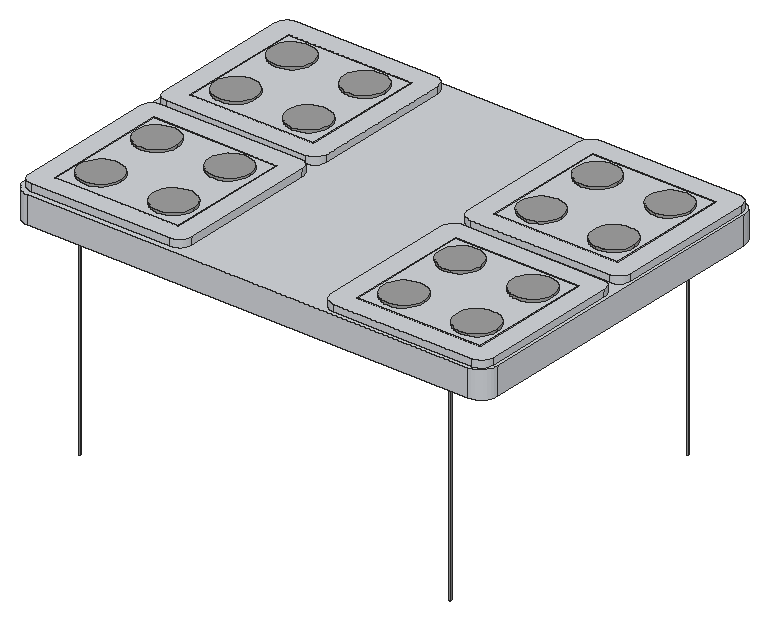
Revit family "Lighting-Industrial-GEWISS-SMART[4]HT_HIGHBAYS-LED_3M", category Apparecchi per illuminazione, Revit 2019
Family settings
  Quota connettore circolare = Usa diametro
  Tipo di parte = Normale
  Numero OmniClass = 23.80.70.00
  Titolo OmniClass = Lighting
  Basato su piano di lavoro = Sì
  Sempre verticale = No
  Taglio con vuoti quando caricato = No
  Sorgente d'illuminazione = No
  Condiviso = No
  Punto di calcolo locali = No
Parameters (values of type "GWS4420CQ857 - SMART4HB 4M ST.AL.ON/OFF HT ELL.57K")
  Wiring = "With GW connect watertight connector"
  Weight (kg): = "13,5"
  Warranty = "5 years"
  Voltaggio = 230 V
  Version file RFA = "20.11"
  Unique digital code (Datamatrix) = "Datamatrix"
  Unified Glare Rating = "-"
  URL = "https://www.gewiss.com/ww/en"
  Type of light source = "LED - Not replaceable"
  Tilt- = "With bracket accessory"
  Technical sheet = "https://www.gewiss.com/ww/en/search?q=GWS4420CQ857"
  System power = "189W"
  Supply voltage = "220 - 240 V"
  Stocking temperature = "-40 +70 °C"
  Standards and approvals = "-"
  Standard- = "EN 60598-1 ; EN 60598-2-1 ; EN 60598-2-24"
  Standard Deviation Colour Matching = "SDCM = 3"
  Spostamento_y_etichetta [instance] = 0 mm
  Spostamento_y_effettivo_etichetta [instance] = 1500 mm - Spostamento_y_etichetta  # 1500 mm
  Spostamento_x_etichetta [instance] = 0 mm
  Spostamento_x_effettivo_etichetta [instance] = 1500 mm - Spostamento_x_etichetta  # 1500 mm
  Shock resistance = "IK08"
  Shield type = "Tempered glass Thickness 4mm"
  SEO = "High bay"
  Realized by GEWISS S.p.A. = ""
  Rated frequency (Hz) = "50/60 Hz"
  Produttore = "GEWISS S.p.A."
  Photobiological Risk Class = "RG0"
  Overvoltage protection = "DM 6 kV / CM 10 kV"
  Optic and illuminating features = "-"
  Optic Maintenance = "Non-replaceable"
  Optic : = "Metallic PC reflector and PMMA lenses"
  Optic = "Elliptical"
  Operating temperature : = "-30°C ÷ +60 °C"
  Offset etichetta W [instance] = 150 mm
  Mouting and installation = "Ceiling - Wallmounting - Suspension"
  Modello = "GWS4420CQ857"
  Maximum surface exposed to the wind : = "0,350 m²"
  Materials = "-"
  Luminaire = "LED Industrial Reflector "
  Lumen output (lm) = "25100"
  Locking Hook = "-"
  Lifetime = "L90B10 (Tq+25°C) = 100.000 h - L90B10 (Tq+60°C) = 50.000 h"
  Lampada = "LED"
  LED Maintenance = "Non-replaceable"
  Insulation class = "I"
  Installationa and maintenance = "-"
  Immagine tipo = GWL1371.jpg
  IPEA = "-"
  IP degree = "IP66"
  IFC.TypeObject = ""
  IFC.ExportType = ""
  IFC.ExportAs = ""
  IDT = "2b22b49849d64f60bc51ff7354190d7a"
  IDF = "b524b0b5-1ad1-46d1-96b9-62335af85fc8"
  Glow Wire Test : = "850 °C"
  General information = "-"
  Gasket = "anti-aging silicone"
  Fixing = "-"
  External screw = "Stainless steel"
  Etichetta wattaggio [instance] = yes
  Spessore plafoniera = 40 mm  # constant formula
  Default Elevation = 1219.2 mm
  Proiettsmart4_simb [instance] = yes
  Plafoniera_bidimensionale [instance] = not(Proiettsmart4_simb)  # no
  Eletrical and lighting features = "-"
  Electrocod = "2444"
  Efficiency (lm/W) = "133"
  Driver Box = "Built-in"
  Driver = "Included"
  Device with reduced surface temperature = "Yes"
  Descrizione = "SMART[4]HB 4M ST.AL.ON/OFF HT ELL.57K"
  DIN 18032-3 certification = "-"
  Control System : = "ON / OFF"
  Control System = "ON / OFF"
  Context = "Logistics and industrial manufacturing lighting"
  Commenti sul wattaggio = "194W"
  Colour temperature = "5700K"
  Colour : = "Grey RAL 7035"
  Colour = "Grey RAL 7035"
  Color Rendering Index = "CRI-80"
  Classificazione = Lighting
  Classification: = "-"
  Catalogue = "LIGHTING"
  Carico apparente = 194 VA
  Lunghezza = 700 mm  # constant formula
  Larghezza = 504 mm  # constant formula
  Distanza_tot_plafoniera [instance] = 300 mm
  Distanza Sorg_Lum = 21.458 mm
  COBie.Tagnumber = ""
  COBie.CreatedOn = ""
  COBie.CreatebBy = ""
  COBie.ComponentRegisterItemID = ""
  COBie.Component.TagNumber = ""
  COBie.Component.Space = ""
  COBie.Component.SerialNumber = ""
  COBie.Component.InstallationDate = ""
  COBie.Component.Description = ""
  COBie.Component.BarCode = ""
  Body = "PA6 \"Halogen Free\" loaded fibreglass"
  Application = "Internal"
Types (8, lengths in mm): name | Unified Glare Rating | Technical sheet | SEO | Optic : | Optic | Modello | Lumen output (lm) | IDT | Efficiency (lm/W) | Descrizione | Colour temperature
  GWS4420CH840 - SMART4HB 4M ST.AL.ON/OFF HT 60° 40K | "UGR - 19" | "https://www.gewiss.com/ww/en/search?q=GWS4420CH840" | "" | "Metallic PC reflector and PMMA lenses" | "60°" | "GWS4420CH840" | "28100" | "9a60cd01c4644df29e8f6974e4e0689c" | "149" | "SMART[4]HB 4M ST.AL.ON/OFF HT 60° 40K" | "4000K"
  GWS4420CH857 - SMART4HB 4M ST.AL.ON/OFF HT 60° 57K | "UGR - 19" | "https://www.gewiss.com/ww/en/search?q=GWS4420CH857" | "" | "Metallic PC reflector and PMMA lenses" | "60°" | "GWS4420CH857" | "28100" | "64ea5da1e8a54a7ebc18f24b4f160287" | "149" | "SMART[4]HB 4M ST.AL.ON/OFF HT 60° 57K" | "5700K"
  GWS4420CP840 - SMART4HB 4M ST.AL.ON/OFF HT 90° 40K | "UGR - 22" | "https://www.gewiss.com/ww/en/search?q=GWS4420CP840" | "" | "Metallic PC reflector and PMMA lenses" | "90°" | "GWS4420CP840" | "28300" | "e6b25d619d354fec8c59bd166d8cef41" | "150" | "SMART[4]HB 4M ST.AL.ON/OFF HT 90° 40K" | "4000K"
  GWS4420CP857 - SMART4HB 4M ST.AL.ON/OFF HT 90° 57K | "UGR - 22" | "https://www.gewiss.com/ww/en/search?q=GWS4420CP857" | "" | "Metallic PC reflector and PMMA lenses" | "90°" | "GWS4420CP857" | "28300" | "8e9812c791d746d8ad976da24d6f04c4" | "150" | "SMART[4]HB 4M ST.AL.ON/OFF HT 90° 57K" | "5700K"
  GWS4420CA840 - SMART4HB 4M ST.AL.ON/OFF HT ARR.40K | "UGR - 25" | "https://www.gewiss.com/ww/en/search?q=GWS4420CA840" | "High bay" | "Metallized polycarbonate reflector" | "Array" | "GWS4420CA840" | "28000" | "d776d177cc774e7eb1565b55874a6e40" | "148" | "SMART[4]HB 4M ST.AL.ON/OFF HT ARR.40K" | "4000K"
  GWS4420CA857 - SMART4HB 4M ST.AL.ON/OFF HT ARR.57K | "UGR - 25" | "https://www.gewiss.com/ww/en/search?q=GWS4420CA857" | "High bay" | "Metallized polycarbonate reflector" | "Array" | "GWS4420CA857" | "28000" | "6b75454b67f346968de9a33a1453fd10" | "148" | "SMART[4]HB 4M ST.AL.ON/OFF HT ARR.57K" | "5700K"
  GWS4420CQ840 - SMART4HB 4M ST.AL.ON/OFF HT ELL.40K | "-" | "https://www.gewiss.com/ww/en/search?q=GWS4420CQ840" | "High bay" | "Metallic PC reflector and PMMA lenses" | "Elliptical" | "GWS4420CQ840" | "25100" | "6f7f3fbc116a4448bf1e36074b36040e" | "133" | "SMART[4]HB 4M ST.AL.ON/OFF HT ELL.40K" | "4000K"
  GWS4420CQ857 - SMART4HB 4M ST.AL.ON/OFF HT ELL.57K | "-" | "https://www.gewiss.com/ww/en/search?q=GWS4420CQ857" | "High bay" | "Metallic PC reflector and PMMA lenses" | "Elliptical" | "GWS4420CQ857" | "25100" | "2b22b49849d64f60bc51ff7354190d7a" | "133" | "SMART[4]HB 4M ST.AL.ON/OFF HT ELL.57K" | "5700K"
Reference planes
  plane 1 "Asse sorgente illuminazione (F/B)": y = 0
  plane 2 "2": z = 0
  plane 3 "Asse sorgente illuminazione (L/R)": x = 0
  plane 4 "Prospetto sorgente di illuminazione": z = 1500
  plane 5: x = -350
  plane 6: y = 252
  plane 7: x = 350
  plane 8: y = -252
  plane 9: x = 345
  plane 10: x = -345
  plane 11: x = -104.5
  plane 12: x = 104.5
  plane 13: y = 0
  plane 14: y = -1500
  plane 15: z = 300
  plane 16: z = 340
  plane 17: z = 350
  plane 18: x = -1500
  plane 19: x = 0
  plane 20: y = 0
Dimensions and locks
  equal spacing: plane 6, plane 1 "Asse sorgente illuminazione (F/B)", plane 8
  "Larghezza": plane 6 to plane 8
  equal spacing: plane 5, plane 3 "Asse sorgente illuminazione (L/R)", plane 7
  "Lunghezza": plane 5 to plane 7
  locked: plane 5 to plane 10 at 5
  locked: plane 9 to plane 7 at 5
  locked: plane 16 to plane 15 at 40
  plane 17 to plane 16 = 10 mm
  "Distanza_tot_plafoniera": plane 15 to plane 2 "2"
  plane 18 to plane 3 "Asse sorgente illuminazione (L/R)" = 1500 mm
  plane 1 "Asse sorgente illuminazione (F/B)" to plane 14 = 1500 mm
  "Spostamento_y_effettivo_etichetta": plane 20 to plane 14
  "Spostamento_x_effettivo_etichetta": plane 18 to plane 19
  aligned and locked: level to plane 2 "2"
  aligned and locked: plane 5 to nested 1
  aligned and locked: plane 6 to nested 1
  aligned and locked: plane 9 to nested 2  (x2)
  aligned and locked: plane 10 to nested 12
  aligned and locked: nested 1 to plane 15
  aligned and locked: nested 17 to plane 16
  aligned and locked: plane 16 to nested 12
  aligned and locked: plane 16 to nested 7
  aligned and locked: nested 2 to plane 16
  aligned and locked: plane 17 to nested 19
  aligned and locked: nested 21 to plane 17
  aligned and locked: plane 17 to nested 16
  aligned and locked: nested 14 to plane 17
  aligned and locked: plane 17 to nested 18
  aligned and locked: nested 20 to plane 17
  aligned and locked: plane 17 to nested 15
  aligned and locked: nested 13 to plane 17
  aligned and locked: nested 8 to plane 17
  aligned and locked: plane 17 to nested 10
  aligned and locked: nested 5 to plane 17
  aligned and locked: plane 17 to nested 3
  aligned and locked: nested 9 to plane 17
  aligned and locked: plane 17 to nested 11
  aligned and locked: nested 6 to plane 17
  aligned and locked: plane 17 to nested 4
  aligned and locked: nested 22 to plane 2 "2"
  aligned and locked: nested 23 to plane 2 "2"
  aligned and locked: nested 24 to plane 2 "2"
  aligned and locked: nested 25 to plane 2 "2"
  aligned and locked: nested 28 to plane 20
  aligned and locked: nested 28 to plane 19
Nested families
  nested 1: "Struttura_SMART 4" at (0, 0, 340), type "SMART 4 HB - 4 x 4L"
  nested 2: "mascherina_SMART (4)" at (225, 127, 350), type "Maschera_smart (4) 4L", detail levels fine
  nested 3: "Gewis - Led" at (172.217, 179, 353), type "Gewis - Led", detail levels medium+fine
  nested 4: "Gewis - Led" at (280, 179, 353), type "Gewis - Led", detail levels medium+fine
  nested 5: "Gewis - Led" at (172.217, 75, 353), type "Gewis - Led", detail levels medium+fine
  nested 6: "Gewis - Led" at (280, 75, 353), type "Gewis - Led", detail levels medium+fine
  nested 7: "mascherina_SMART (4)" at (225, -127, 350), type "Maschera_smart (4) 4L", detail levels fine
  nested 8: "Gewis - Led" at (172.217, -179, 353), type "Gewis - Led", detail levels medium+fine
  nested 9: "Gewis - Led" at (280, -179, 353), type "Gewis - Led", detail levels medium+fine
  nested 10: "Gewis - Led" at (172.217, -75, 353), type "Gewis - Led", detail levels medium+fine
  nested 11: "Gewis - Led" at (280, -75, 353), type "Gewis - Led", detail levels medium+fine
  nested 12: "mascherina_SMART (4)" at (-225, 127, 350) x (-1, 0, 0) z (0, 0, 1), type "Maschera_smart (4) 4L", detail levels fine
  nested 13: "Gewis - Led" at (-172.217, 179, 353) x (-1, 0, 0) z (0, 0, 1), type "Gewis - Led", detail levels medium+fine
  nested 14: "Gewis - Led" at (-280, 179, 353) x (-1, 0, 0) z (0, 0, 1), type "Gewis - Led", detail levels medium+fine
  nested 15: "Gewis - Led" at (-172.217, 75, 353) x (-1, 0, 0) z (0, 0, 1), type "Gewis - Led", detail levels medium+fine
  nested 16: "Gewis - Led" at (-280, 75, 353) x (-1, 0, 0) z (0, 0, 1), type "Gewis - Led", detail levels medium+fine
  nested 17: "mascherina_SMART (4)" at (-225, -123, 350) x (-1, 0, 0) z (0, 0, 1), type "Maschera_smart (4) 4L", detail levels fine
  nested 18: "Gewis - Led" at (-172.217, -175, 353) x (-1, 0, 0) z (0, 0, 1), type "Gewis - Led", detail levels medium+fine
  nested 19: "Gewis - Led" at (-280, -175, 353) x (-1, 0, 0) z (0, 0, 1), type "Gewis - Led", detail levels medium+fine
  nested 20: "Gewis - Led" at (-172.217, -71, 353) x (-1, 0, 0) z (0, 0, 1), type "Gewis - Led", detail levels medium+fine
  nested 21: "Gewis - Led" at (-280, -71, 353) x (-1, 0, 0) z (0, 0, 1), type "Gewis - Led", detail levels medium+fine
  nested 22: "Sospensione_ SMART LAB 4" at (274.338, -220.687, 0), Altezza sospensione <- "Distanza_tot_plafoniera", type "Sospensione_ SMART LAB 4"
    with Altezza sospensione 300 mm
  nested 23: "Sospensione_ SMART LAB 4" at (274.338, 219.313, 0), Altezza sospensione <- "Distanza_tot_plafoniera", type "Sospensione_ SMART LAB 4"
    with Altezza sospensione 300 mm
  nested 24: "Sospensione_ SMART LAB 4" at (-274.338, -220.687, 0), Altezza sospensione <- "Distanza_tot_plafoniera", type "Sospensione_ SMART LAB 4"
    with Altezza sospensione 300 mm
  nested 25: "Sospensione_ SMART LAB 4" at (-274.338, 219.313, 0), Altezza sospensione <- "Distanza_tot_plafoniera", type "Sospensione_ SMART LAB 4"
    with Altezza sospensione 300 mm
  nested 26: "Rappr_ bidimensionale" at (0, 0, 0), visible <- "Plafoniera_bidimensionale", type "4 X4 LED"
  nested 27: "PROIETTSMART - 4" at (0, 0, 0), visible <- "Proiettsmart4_simb", type "PROIETTSMART - 4"
  nested 28: "ETICHETTA LIGHT" at (0, 0, 0), type "ETICHETTA LIGHT"
Connectors
  electrical at (0.009, -0.098, 300), driven by "Classificazione", driven by "Carico apparente"
    settings: on nested 1, index 1, voltage 230 V, apparent load 0 VA, apparent load phase1 194 VA, apparent load phase2 0 VA, apparent load phase3 0 VA, power factor 1, load classification "Lighting", number of poles 2, system type 31, power factor state 1, is connector primary yes, connector utility no, sub classification motor no, connector description ""
Definition of nested family "Struttura_SMART 4"
  Parameters (values of type "SMART 4 HB - 4 x 4L")
    Struttura plafoniera = none
    Spessore_plafoniera = 40 mm
    Lunghezza = 700 mm
    Larghezza = 504 mm
  Types (2, lengths in mm): name | Lunghezza | Larghezza
    SMART 4 HB - 4+4L | 699 | 254
    SMART 4 HB - 4 x 4L | 700 | 504
  Reference planes
    plane 1 "Asse sorgente illuminazione (F/B)": y = 0
    plane 2: z = 0
    plane 3 "Asse sorgente illuminazione (L/R)": x = 0
    plane 4 "Prospetto sorgente di illuminazione": z = -40
    plane 5 "SX": x = -350
    plane 6 "DX": x = 350
    plane 7 "DIETRO": y = 252
    plane 8 "AVANTI": y = -252
    plane 9: x = 107
    plane 10: x = 339
    plane 11: y = -241
    plane 12: y = 241
    plane 13: x = -339
    plane 14: x = -107
  Forms (mm)
    Extrusion 1, solid, material <- "Struttura plafoniera"
      sketch origin (0, 0, 0) x (1, 0, 0) y (0, 1, 0)
        loop
          line (350, -227.595) -> (350, 227.59)
          arc (350, 227.59) -> (342.85, 244.85) -> (325.59, 252) r 24.41
          line (325.59, 252) -> (-325.509, 252)
          arc (-325.509, 252) -> (-343.054, 244.6) -> (-350, 226.871) r 24.499
          line (-350, 226.871) -> (-350, -227.592)
          arc (-350, -227.592) -> (-342.851, -244.851) -> (-325.592, -252) r 24.408
          line (-325.592, -252) -> (325.617, -252)
          arc (325.617, -252) -> (342.834, -244.868) -> (349.965, -227.652) r 24.348
      from -40 to 0
  Dimensions and locks
    equal spacing: plane 5 "SX", plane 3 "Asse sorgente illuminazione (L/R)", plane 6 "DX"
    equal spacing: plane 7 "DIETRO", plane 1 "Asse sorgente illuminazione (F/B)", plane 8 "AVANTI"
    "Lunghezza": plane 5 "SX" to plane 6 "DX"
    "Larghezza": plane 7 "DIETRO" to plane 8 "AVANTI"
    locked: plane 7 "DIETRO" to plane 12 at 11
    locked: plane 11 to plane 8 "AVANTI" at 11
    locked: plane 10 to plane 6 "DX" at 11
    locked: plane 9 to plane 10 at 232
    plane 13 to plane 14 = 232 mm
    locked: plane 5 "SX" to plane 13 at 11
    "Spessore_plafoniera": plane 2 to plane 4 "Prospetto sorgente di illuminazione"
    aligned and locked: level to plane 2
    aligned and locked: Extrusion 1 to plane 5 "SX"
    aligned and locked: Extrusion 1 to plane 8 "AVANTI"  (x2)
    aligned and locked: plane 7 "DIETRO" to Extrusion 1
    aligned and locked: plane 6 "DX" to Extrusion 1
    aligned and locked: plane 4 "Prospetto sorgente di illuminazione" to Extrusion 1
    aligned and locked: plane 2 to Extrusion 1
  Automatic sketch dimensions
    Extrusion 1 sketch curve to plane 5 "SX" = 0 mm
    Extrusion 1 sketch curve to plane 8 "AVANTI" = 0 mm
    Extrusion 1 sketch curve to plane 7 "DIETRO" = 0 mm
    Extrusion 1 sketch curve to plane 6 "DX" = 0 mm
    plane 13 to Extrusion 1 sketch curve = 13.408 mm
    plane 13 to Extrusion 1 sketch curve = 13.491 mm
    Extrusion 1 sketch curve to plane 10 = 13.41 mm
    Extrusion 1 sketch curve to plane 10 = 13.383 mm
    plane 11 to Extrusion 1 sketch curve = 13.348 mm
    Extrusion 1 sketch curve to plane 12 = 14.129 mm
    Extrusion 1 sketch curve to Extrusion 1 sketch curve = 0.056 mm
Definition of nested family "mascherina_SMART (4)"
  Parameters (values of type "Maschera_smart (4) 4L")
    Spessore_mascherina = 10 mm
    Default Elevation = 1219.2 mm
    N.intarsi = (Lunghezza_mascherina - (Bordo * 2)) / 15 mm  # 12
    N._intarsi verticale = (Larghezza_mascherina - (Bordo * 2)) / 17 mm  # 11
    Mascherina = none
    Lunghezza_mascherina = 240 mm
    Larghezza_mascherina = 240 mm
    Distanza_intarsi v. = 41 mm  # constant formula
    Distanza_intarsi = 37 mm  # constant formula
    Bordo = 29 mm
  Reference planes
    plane 1 "Centro (Fronte/Retro)": y = 0
    plane 2: z = 0
    plane 3 "Centro (Sinistra/Destra)": x = 0
    plane 4: x = -120
    plane 5 "Dietro": y = 120
    plane 6: x = 120
    plane 7: y = -120
    plane 8: x = -91
    plane 9: y = -91
    plane 10: x = 91
    plane 11: y = 91
    plane 12: x = -83
    plane 13: y = 94.742
    plane 14: y = -95
    plane 15: z = -10
    plane 16: x = -95
    plane 17: y = 79
    plane 18: y = -79
    plane 19: x = 95
    plane 20: z = -4.799
  Forms (mm)
    Extrusion 1, solid, material <- "Mascherina"
      sketch origin (0, 0, 0) x (1, 0, 0) y (0, 1, 0)
        loop
          arc (-102.5, 120) -> (-114.874, 114.874) -> (-120, 102.5) r 17.5
          line (-120, 102.5) -> (-120, -102.5)
          arc (-120, -102.5) -> (-114.874, -114.874) -> (-102.5, -120) r 17.5
          line (-102.5, -120) -> (102.5, -120)
          arc (102.5, -120) -> (114.874, -114.874) -> (120, -102.5) r 17.5
          line (120, -102.5) -> (120, 102.5)
          arc (120, 102.5) -> (114.874, 114.874) -> (102.5, 120) r 17.5
          line (102.5, 120) -> (-102.5, 120)
        loop
          line (-91, 91) -> (-91, -91) -> (91, -91) -> (91, 91) -> (-91, 91)
      from -10 to 0
    Extrusion 2, solid, material <- "Mascherina"
      sketch origin (0, 0, 0) x (1, 0, 0) y (0, 1, 0)
        loop
          line (-91, 91) -> (-91, -91) -> (91, -91) -> (91, 91) -> (-91, 91)
      from -4.799 to 0
  Dimensions and locks
    equal spacing: plane 4, plane 3 "Centro (Sinistra/Destra)", plane 6
    "Lunghezza_mascherina": plane 4 to plane 6
    equal spacing: plane 5 "Dietro", plane 1 "Centro (Fronte/Retro)", plane 7
    "Larghezza_mascherina": plane 5 "Dietro" to plane 7
    "Bordo": plane 4 to plane 8
    "Bordo": plane 9 to plane 7
    "Bordo": plane 5 "Dietro" to plane 11
    "Bordo": plane 10 to plane 6
    "Distanza_intarsi": plane 4 to plane 12
    locked: plane 13 to plane 11 at 3.742
    "Spessore_mascherina": plane 2 to plane 15
    "Distanza_intarsi v.": plane 5 "Dietro" to plane 17
    "Distanza_intarsi v.": plane 18 to plane 7
    locked: plane 9 to plane 14 at 4
    locked: plane 16 to plane 8 at 4
    locked: plane 10 to plane 19 at 4
    locked: plane 2 to plane 20 at 4.799
    radius of Extrusion 1 sketch curve = 17.5 mm  (x4)
    aligned and locked: level to plane 2
    aligned and locked: plane 4 to Extrusion 1 sketch curve
    aligned and locked: plane 6 to Extrusion 1 sketch curve
    aligned and locked: Extrusion 1 sketch curve to plane 5 "Dietro"
    aligned and locked: Extrusion 1 sketch curve to plane 7
    aligned and locked: Extrusion 1 sketch curve to plane 11
    aligned and locked: plane 8 to Extrusion 1 sketch curve
    aligned and locked: plane 9 to Extrusion 1 sketch curve
    aligned and locked: Extrusion 1 sketch curve to plane 10
    aligned and locked: plane 2 to Extrusion 1
    aligned and locked: Extrusion 1 to plane 15
    aligned and locked: Extrusion 2 sketch curve to plane 10
    aligned and locked: plane 9 to Extrusion 2 sketch curve
    aligned and locked: plane 8 to Extrusion 2 sketch curve
    aligned and locked: Extrusion 2 sketch curve to plane 11
    aligned and locked: plane 2 to Extrusion 2
    aligned and locked: Extrusion 2 to plane 20
Definition of nested family "Gewis - Led"
  Parameters (values of type "Gewis - Led")
    Vetro = none
    Raggio led = 30 mm
    Default Elevation = 1219.2 mm
    Estensione vetro = 3 mm
  Reference planes
    plane 1 "Centro (Fronte/Retro)": y = 0
    plane 2: z = 0
    plane 3 "Centro (Sinistra/Destra)": x = 0
  Forms (mm)
    Extrusion 1, solid, material <- "Vetro"
      sketch origin (0, 0, 0) x (1, 0, 0) y (0, 1, 0)
        loop
          circle (0, 0) r 30
      from -3 to 0
  Dimensions and locks
    "Estensione vetro": level to Extrusion 1
    "Raggio led": radius of Extrusion 1 sketch curve
    aligned and locked: level to plane 2
    aligned and locked: level to Extrusion 1
  Automatic sketch dimensions
    plane 1 "Centro (Fronte/Retro)" to Extrusion 1 sketch curve = 0 mm
    Extrusion 1 sketch curve to plane 3 "Centro (Sinistra/Destra)" = 0 mm
Definition of nested family "Sospensione_ SMART LAB 4"
  Parameters (values of type "Sospensione_ SMART LAB 4")
    Default Elevation = 1219.2 mm
    Altezza sospensione [instance] = 500 mm
  Reference planes
    plane 1 "Center (Front/Back)": y = 0
    plane 2: z = 0
    plane 3 "Center (Left/Right)": x = 0
    plane 4: z = 500
  Forms (mm)
    Extrusion 1, solid
      sketch origin (0, 0, 0) x (1, 0, 0) y (0, 1, 0)
        loop
          circle (0, -0.028) r 1.25
      from 0 to 500
  Lines and regions (mm)
    model lines, not visible
      curve 1: line (0, 0, 0) -> (0, 0, 9.482)
  Dimensions and locks
    "Altezza sospensione": plane 4 to level
    plane 4 to plane 2 = 500 mm
    aligned and locked: level to plane 2
    aligned and locked: plane 4 to Extrusion 1
    aligned and locked: Extrusion 1 to plane 2
  Automatic sketch dimensions
    Extrusion 1 sketch curve to plane 3 "Center (Left/Right)" = 0 mm
    plane 1 "Center (Front/Back)" to Extrusion 1 sketch curve = 0.028 mm
    curve 1 to plane 3 "Center (Left/Right)" = 0 mm
    curve 1 to level = 0 mm
    curve 1 to curve 1 = 9.482 mm
    radius of Extrusion 1 sketch curve = 1.25 mm
Definition of nested family "Rappr_ bidimensionale"
  Parameters (values of type "4 X4 LED")
    5 LED = no
    4 LED = not([5 LED])  # yes
  Reference planes
    plane 1 "Centro (Fronte/Retro)": y = 0
    plane 2: z = 0
    plane 3 "Centro (Sinistra/Destra)": x = 0
  Lines and regions (mm)
    model lines, in view "Livello rif.", visible <- "4 LED"
      curve 1: circle (176.124, 171.566, 0) r 28.619 normal (0, 0, 1)
      curve 2: circle (270.124, 77.566, 0) r 28.619 normal (0, 0, 1)
      curve 3: circle (176.124, 77.566, 0) r 28.619 normal (0, 0, 1)
      curve 4: circle (270.124, 171.566, 0) r 28.619 normal (0, 0, 1)
      curve 5: circle (-175.025, 77.434, 0) r 28.619 normal (0, 0, 1)
      curve 6: circle (-269.025, 171.434, 0) r 28.619 normal (0, 0, 1)
      curve 7: circle (-175.025, 171.434, 0) r 28.619 normal (0, 0, 1)
      curve 8: circle (-269.025, 77.434, 0) r 28.619 normal (0, 0, 1)
      curve 9: circle (-175.025, -171.611, 0) r 28.619 normal (0, 0, 1)
      curve 10: circle (-269.025, -77.611, 0) r 28.619 normal (0, 0, 1)
      curve 11: circle (-175.025, -77.611, 0) r 28.619 normal (0, 0, 1)
      curve 12: circle (-269.025, -171.611, 0) r 28.619 normal (0, 0, 1)
      curve 13: circle (176.124, -77.434, 0) r 28.619 normal (0, 0, 1)
      curve 14: circle (270.124, -171.434, 0) r 28.619 normal (0, 0, 1)
      curve 15: circle (176.124, -171.434, 0) r 28.619 normal (0, 0, 1)
      curve 16: circle (270.124, -77.434, 0) r 28.619 normal (0, 0, 1)
    model lines, in view "Livello rif."
      curve 17: arc (-326.07, 251.865, 0) -> (-342.562, 245.006, 0) -> (-349.39, 228.5, 0) r 23.365
      curve 18: arc (350.489, 228.546, 0) -> (343.613, 245.054, 0) -> (327.079, 251.865, 0) r 23.365
      curve 19: arc (327.098, -251.865, 0) -> (343.653, -245.015, 0) -> (350.489, -228.454, 0) r 23.365
      curve 20: arc (-349.39, -228.5, 0) -> (-342.555, -245.013, 0) -> (-326.05, -251.865, 0) r 23.365
      curve 21: arc (-102.728, -20.5, 0) -> (-107.214, -9.678, 0) -> (-118.041, -5.203, 0) r 15.297
      curve 22: arc (-118.041, 5.203, 0) -> (-107.214, 9.678, 0) -> (-102.728, 20.5, 0) r 15.297
      curve 23: arc (-118.041, -243.797, 0) -> (-107.214, -239.322, 0) -> (-102.728, -228.5, 0) r 15.297
      curve 24: arc (327.107, 5.203, 0) -> (337.947, 9.69, 0) -> (342.421, 20.535, 0) r 15.297
      curve 25: arc (103.827, 20.465, 0) -> (108.314, 9.677, 0) -> (119.107, 5.203, 0) r 15.297
      curve 26: arc (119.089, 243.797, 0) -> (108.308, 239.316, 0) -> (103.827, 228.535, 0) r 15.297
      curve 27: arc (342.421, 228.535, 0) -> (337.916, 239.341, 0) -> (327.089, 243.797, 0) r 15.297
      curve 28: arc (-341.321, 20.535, 0) -> (-336.859, 9.702, 0) -> (-326.041, 5.203, 0) r 15.297
      curve 29: arc (-326.059, 243.797, 0) -> (-336.865, 239.292, 0) -> (-341.321, 228.465, 0) r 15.297
      curve 30: arc (-102.728, 228.5, 0) -> (-107.22, 239.329, 0) -> (-118.059, 243.797, 0) r 15.297
      curve 31: arc (342.421, -20.465, 0) -> (337.922, -9.666, 0) -> (327.107, -5.203, 0) r 15.297
      curve 32: arc (327.107, -243.797, 0) -> (337.947, -239.31, 0) -> (342.421, -228.465, 0) r 15.297
      curve 33: arc (103.827, -228.535, 0) -> (108.314, -239.323, 0) -> (119.107, -243.797, 0) r 15.297
      curve 34: arc (119.107, -5.203, 0) -> (108.314, -9.677, 0) -> (103.827, -20.465, 0) r 15.297
      curve 35: arc (-341.321, -228.465, 0) -> (-336.859, -239.298, 0) -> (-326.041, -243.797, 0) r 15.297
      curve 36: arc (-326.041, -5.203, 0) -> (-336.859, -9.702, 0) -> (-341.321, -20.535, 0) r 15.297
      curve 37: line (130.624, 32, 0) -> (130.624, 217, 0)
      curve 38: line (130.624, 217, 0) -> (315.624, 217, 0)
      curve 39: line (315.624, 217, 0) -> (315.624, 32, 0)
      curve 40: line (315.624, 32, 0) -> (130.624, 32, 0)
      curve 41: line (-129.525, 32, 0) -> (-314.525, 32, 0)
      curve 42: line (-314.525, 32, 0) -> (-314.525, 217, 0)
      curve 43: line (-314.525, 217, 0) -> (-129.525, 217, 0)
      curve 44: line (-129.525, 217, 0) -> (-129.525, 32, 0)
      curve 45: line (-129.525, -217.045, 0) -> (-314.525, -217.045, 0)
      curve 46: line (-314.525, -217.045, 0) -> (-314.525, -32.045, 0)
      curve 47: line (-314.525, -32.045, 0) -> (-129.525, -32.045, 0)
      curve 48: line (-129.525, -32.045, 0) -> (-129.525, -217.045, 0)
      curve 49: line (130.624, -217, 0) -> (130.624, -32, 0)
      curve 50: line (130.624, -32, 0) -> (315.624, -32, 0)
      curve 51: line (315.624, -32, 0) -> (315.624, -217, 0)
      curve 52: line (315.624, -217, 0) -> (130.624, -217, 0)
      curve 53: line (-349.39, 228.5, 0) -> (-349.39, -228.5, 0)
      curve 54: line (327.079, 251.865, 0) -> (-326.07, 251.865, 0)
      curve 55: line (350.489, -228.454, 0) -> (350.489, 228.546, 0)
      curve 56: line (327.098, -251.865, 0) -> (-326.05, -251.865, 0)
      curve 57: line (-102.728, -228.5, 0) -> (-102.728, -20.5, 0)
      curve 58: line (-326.041, -5.203, 0) -> (-118.041, -5.203, 0)
      curve 59: line (-102.728, 20.5, 0) -> (-102.728, 228.5, 0)
      curve 60: line (-326.041, 5.203, 0) -> (-118.041, 5.203, 0)
      curve 61: line (119.107, 5.203, 0) -> (327.107, 5.203, 0)
      curve 62: line (103.827, 20.465, 0) -> (103.827, 228.535, 0)
      curve 63: line (119.089, 243.797, 0) -> (327.089, 243.797, 0)
      curve 64: line (342.421, 20.535, 0) -> (342.421, 228.535, 0)
      curve 65: line (-341.321, 20.535, 0) -> (-341.321, 228.465, 0)
      curve 66: line (-326.059, 243.797, 0) -> (-118.059, 243.797, 0)
      curve 67: line (119.107, -5.203, 0) -> (327.107, -5.203, 0)
      curve 68: line (342.421, -228.465, 0) -> (342.421, -20.465, 0)
      curve 69: line (119.107, -243.797, 0) -> (327.107, -243.797, 0)
      curve 70: line (103.827, -228.535, 0) -> (103.827, -20.465, 0)
      curve 71: line (-326.041, -243.797, 0) -> (-118.041, -243.797, 0)
      curve 72: line (-341.321, -228.465, 0) -> (-341.321, -20.535, 0)
    detail lines, in view "Livello rif.", visible <- "5 LED"
      curve 73: circle (-223.979, 122.48, 0) r 28.619 normal (0, 0, 1)
      curve 74: circle (-175.025, 77.434, 0) r 28.619 normal (0, 0, 1)
      curve 75: circle (-269.025, 171.434, 0) r 28.619 normal (0, 0, 1)
      curve 76: circle (-175.025, 171.434, 0) r 28.619 normal (0, 0, 1)
      curve 77: circle (-269.025, 77.434, 0) r 28.619 normal (0, 0, 1)
      curve 78: circle (176.124, 171.566, 0) r 28.619 normal (0, 0, 1)
      curve 79: circle (270.124, 77.566, 0) r 28.619 normal (0, 0, 1)
      curve 80: circle (176.124, 77.566, 0) r 28.619 normal (0, 0, 1)
      curve 81: circle (270.124, 171.566, 0) r 28.619 normal (0, 0, 1)
      curve 82: circle (-175.025, -171.611, 0) r 28.619 normal (0, 0, 1)
      curve 83: circle (-269.025, -77.611, 0) r 28.619 normal (0, 0, 1)
      curve 84: circle (-175.025, -77.611, 0) r 28.619 normal (0, 0, 1)
      curve 85: circle (-269.025, -171.611, 0) r 28.619 normal (0, 0, 1)
      curve 86: circle (176.124, -77.434, 0) r 28.619 normal (0, 0, 1)
      curve 87: circle (270.124, -171.434, 0) r 28.619 normal (0, 0, 1)
      curve 88: circle (176.124, -171.434, 0) r 28.619 normal (0, 0, 1)
      curve 89: circle (270.124, -77.434, 0) r 28.619 normal (0, 0, 1)
      curve 90: circle (-221.479, -125.02, 0) r 28.619 normal (0, 0, 1)
      curve 91: circle (221.694, -125.02, 0) r 28.619 normal (0, 0, 1)
      curve 92: circle (221.694, 124.956, 0) r 28.619 normal (0, 0, 1)
Definition of nested family "PROIETTSMART - 4"
  Reference planes
    plane 1 "Centro (Fronte/Retro)": y = 0
    plane 2: z = 0
    plane 3 "Centro (Sinistra/Destra)": x = 0
  Lines and regions (mm)
    model lines, in view "Livello rif."
      curve 1: line (134.982, -122.65, 0) -> (68.521, -89.561, 0)
      curve 2: line (68.521, -89.561, 0) -> (134.982, -56.075, 0)
      curve 3: line (134.982, -56.075, 0) -> (134.982, -122.65, 0)
      curve 4: line (68.521, -56.274, 0) -> (68.521, -122.849, 0)
      curve 5: line (68.521, -89.561, 0) -> (29.658, -89.561, 0)
      curve 6: line (134.982, -89.362, 0) -> (163.679, -89.362, 0)
      curve 7: line (198.934, -192.237, 0) -> (-201.066, -192.237, 0)
      curve 8: line (19.872, -13.139, 0) -> (172.718, -13.139, 0)
      curve 9: line (172.718, -13.139, 0) -> (172.718, -165.984, 0)
      curve 10: line (172.718, -165.984, 0) -> (19.872, -165.984, 0)
      curve 11: line (19.872, -165.984, 0) -> (19.872, -13.139, 0)
      curve 12: line (-59.74, -122.65, 0) -> (-126.201, -89.561, 0)
      curve 13: line (-126.201, -89.561, 0) -> (-59.74, -56.075, 0)
      curve 14: line (-59.74, -56.075, 0) -> (-59.74, -122.65, 0)
      curve 15: line (-126.201, -56.274, 0) -> (-126.201, -122.849, 0)
      curve 16: line (-126.201, -89.561, 0) -> (-165.064, -89.561, 0)
      curve 17: line (-59.74, -89.362, 0) -> (-31.043, -89.362, 0)
      curve 18: line (-174.85, -13.139, 0) -> (-22.005, -13.139, 0)
      curve 19: line (-22.005, -13.139, 0) -> (-22.005, -165.984, 0)
      curve 20: line (-22.005, -165.984, 0) -> (-174.85, -165.984, 0)
      curve 21: line (-174.85, -165.984, 0) -> (-174.85, -13.139, 0)
      curve 22: line (134.982, 56.449, 0) -> (68.521, 89.537, 0)
      curve 23: line (68.521, 89.537, 0) -> (134.982, 123.023, 0)
      curve 24: line (134.982, 123.023, 0) -> (134.982, 56.449, 0)
      curve 25: line (68.521, 122.824, 0) -> (68.521, 56.25, 0)
      curve 26: line (68.521, 89.537, 0) -> (29.658, 89.537, 0)
      curve 27: line (134.982, 89.736, 0) -> (163.679, 89.736, 0)
      curve 28: line (19.872, 165.96, 0) -> (172.718, 165.96, 0)
      curve 29: line (172.718, 165.96, 0) -> (172.718, 13.114, 0)
      curve 30: line (172.718, 13.114, 0) -> (19.872, 13.114, 0)
      curve 31: line (19.872, 13.114, 0) -> (19.872, 165.96, 0)
      curve 32: line (198.934, -192.237, 0) -> (198.934, 192.237, 0)
      curve 33: line (198.934, 192.237, 0) -> (-201.066, 192.237, 0)
      curve 34: line (-201.066, 192.237, 0) -> (-201.066, -192.237, 0)
      curve 35: line (-59.74, 56.449, 0) -> (-126.201, 89.537, 0)
      curve 36: line (-126.201, 89.537, 0) -> (-59.74, 123.023, 0)
      curve 37: line (-59.74, 123.023, 0) -> (-59.74, 56.449, 0)
      curve 38: line (-126.201, 122.824, 0) -> (-126.201, 56.25, 0)
      curve 39: line (-126.201, 89.537, 0) -> (-165.064, 89.537, 0)
      curve 40: line (-59.74, 89.736, 0) -> (-31.043, 89.736, 0)
      curve 41: line (-174.85, 165.96, 0) -> (-22.005, 165.96, 0)
      curve 42: line (-22.005, 165.96, 0) -> (-22.005, 13.114, 0)
      curve 43: line (-22.005, 13.114, 0) -> (-174.85, 13.114, 0)
      curve 44: line (-174.85, 13.114, 0) -> (-174.85, 165.96, 0)
Definition of nested family "ETICHETTA LIGHT"
  Parameters (values of type "ETICHETTA LIGHT")
    COMMENTI = "236W"
  Reference planes
    plane 1: y = 0
    plane 2: x = 0
  Text (mm)
    label "COMMENTI" at (-0.057, 0.105, 0), shows "COMMENTI"
